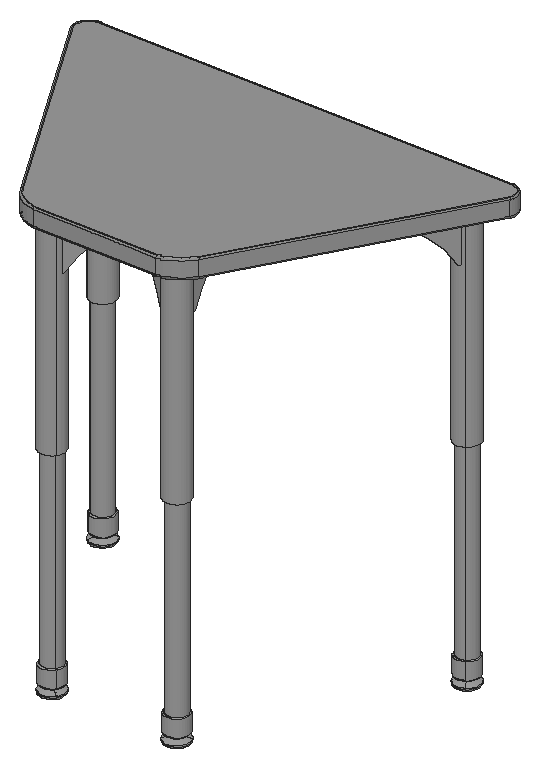
Revit family "Hierarchy Snap Hexagonal Trapezoid Desk", category Furniture, Revit 2018
Family settings
  Work Plane-Based = No
  Always vertical = Yes
  Cut with Voids When Loaded = No
  Shared = No
  Room Calculation Point = No
Parameters
  Surface = Hierarchy Snap Hexagonal Trapezoid Desk Surface
  Desk Height = 2' - 5"
  Leg Finish = Hierarchy Leg Platinum
  Edgeband = Hierarchy Snap Hexagonal Trapezoid Desk Edgeband
  Caster/Glide = Hierarchy Leg - Glide : Hierarchy Leg - Glide
Reference planes (in)
  plane 1 "Center (Front/Back)": y = 0
  plane 2: z = 0
  plane 3 "Center (Left/Right)": x = 0
  plane 4: z = 29
Dimensions and locks (in)
  "Desk Height": plane 4 to level
  aligned and locked: plane 2 to level
  aligned and locked: nested 1 to plane 4
Nested families (in)
  nested 1: "Snap Hexagonal Trapezoid Tabletop" at (0, 0, 1.85825), type "Snap Hexagonal Trapezoid Tabletop"
  nested 2: "Hierarchy Leg - Glide" at (-12.40075, 7.25, 0) x (0.5556, 0.8315, 0) z (0, 0, 1), Leg Finish <- "Leg Finish", Leg Height <- "Desk Height", type "Hierarchy Leg - Glide"
    with Leg Height 2' - 5", Leg Finish Hierarchy Leg Platinum
  nested 3: "Hierarchy Leg - Glide" at (12.40075, 7.25, 0) x (-0.5556, 0.8315, 0) z (0, 0, 1), Leg Finish <- "Leg Finish", Leg Height <- "Desk Height", type "Hierarchy Leg - Glide"
    with Leg Height 2' - 5", Leg Finish Hierarchy Leg Platinum
  nested 4: "Hierarchy Leg - Glide" at (-4.25, -7.25, 0) x (-0.8315, 0.5556, 0) z (0, 0, 1), type <- "Caster/Glide", Leg Finish <- "Leg Finish", Leg Height <- "Desk Height", type "Hierarchy Leg - Glide"
  nested 5: "Hierarchy Leg - Glide" at (4.25, -7.25, 0) x (0.8315, 0.5556, 0) z (0, 0, 1), type <- "Caster/Glide", Leg Finish <- "Leg Finish", Leg Height <- "Desk Height", type "Hierarchy Leg - Glide"
Definition of nested family "Snap Hexagonal Trapezoid Tabletop"
  Parameters (values of type "Snap Hexagonal Trapezoid Tabletop")
    Surface = none
    Edgeband = none
  Reference planes (in)
    plane 1 "Center (Front/Back)": y = 0
    plane 2: z = 0
    plane 3 "Center (Left/Right)": x = 0
  Forms (in)
    Extrusion 1, solid, material <- "Surface"
      sketch origin (0, 0, 0) x (1, 0, 0) y (0, 1, 0)
        loop
          line (14.05799, 8.95098) -> (-14.05799, 8.95098)
          arc (-14.05799, 8.95098) -> (-14.76477, 8.57319) -> (-14.84333, 7.77563) r 0.85005
          line (-14.84333, 7.77563) -> (-5.97069, -7.59223)
          arc (-5.97069, -7.59223) -> (-5.20833, -8.40619) -> (-4.1646, -8.79902) r 2.4556
          line (-4.1646, -8.79902) -> (4.1646, -8.79902)
          arc (4.1646, -8.79902) -> (5.20833, -8.40619) -> (5.97069, -7.59223) r 2.4556
          line (5.97069, -7.59223) -> (14.84333, 7.77563)
          arc (14.84333, 7.77563) -> (14.76477, 8.57319) -> (14.05799, 8.95098) r 0.85005
      from 27.14175 to 28.39175
    Sweep 2, solid, material <- "Edgeband"
      path in 3D
        loop
          line (-14.05799, 8.95098, 28.39175) -> (14.05799, 8.95098, 28.39175)
          arc (14.05799, 8.95098, 28.39175) -> (14.76477, 8.57319, 28.39175) -> (14.84333, 7.77563, 28.39175) r 0.85005
          line (14.84333, 7.77563, 28.39175) -> (5.97069, -7.59223, 28.39175)
          arc (5.97069, -7.59223, 28.39175) -> (5.20833, -8.40619, 28.39175) -> (4.1646, -8.79902, 28.39175) r 2.4556
          line (4.1646, -8.79902, 28.39175) -> (-4.1646, -8.79902, 28.39175)
          arc (-4.1646, -8.79902, 28.39175) -> (-5.20833, -8.40619, 28.39175) -> (-5.97069, -7.59223, 28.39175) r 2.4556
          line (-5.97069, -7.59223, 28.39175) -> (-14.84333, 7.77563, 28.39175)
          arc (-14.84333, 7.77563, 28.39175) -> (-14.76477, 8.57319, 28.39175) -> (-14.05799, 8.95098, 28.39175) r 0.85005
      profile origin (-14.76477, 8.57319, 28.39175) x (-0.831469, 0.555571, 0) y (0, 0, 1)
        loop
          line (0, 0) -> (0, -1.25)
          arc (0, -1.25) -> (0.07724, -1.21801) -> (0.10923, -1.14077) r 0.10923
          line (0.10923, -1.14077) -> (0.10923, -0.10923)
          arc (0.10923, -0.10923) -> (0.07724, -0.03199) -> (0, 0) r 0.10923
  Lines and regions (in)
    sketch lines
      curve 1: arc (-14.84333, 7.77563, 28.39175) -> (-14.76477, 8.57319, 28.39175) -> (-14.05799, 8.95098, 28.39175) r 0.85005
      curve 2: line (-14.84333, 7.77563, 28.39175) -> (-5.97069, -7.59223, 28.39175)
      curve 3: arc (-4.1646, -8.79902, 28.39175) -> (-5.20833, -8.40619, 28.39175) -> (-5.97069, -7.59223, 28.39175) r 2.4556
      curve 4: line (-4.1646, -8.79902, 28.39175) -> (4.1646, -8.79902, 28.39175)
      curve 5: arc (5.97069, -7.59223, 28.39175) -> (5.20833, -8.40619, 28.39175) -> (4.1646, -8.79902, 28.39175) r 2.4556
      curve 6: line (5.97069, -7.59223, 28.39175) -> (14.84333, 7.77563, 28.39175)
      curve 7: arc (14.05799, 8.95098, 28.39175) -> (14.76477, 8.57319, 28.39175) -> (14.84333, 7.77563, 28.39175) r 0.85005
      curve 8: line (14.05799, 8.95098, 28.39175) -> (-14.05799, 8.95098, 28.39175)
  Dimensions and locks (in)
    aligned and locked: plane 2 to level
Definition of nested family "Hierarchy Leg - Glide"
  Parameters (values of type "Hierarchy Leg - Glide")
    Leg Finish [instance] = none
    Leg Height [instance] = 2' - 5"
  Reference planes (in)
    plane 1 "Center (Front/Back)": y = 0
    plane 2: z = 0
    plane 3 "Center (Left/Right)": x = 0
  Forms (in)
    Extrusion 1, solid
      sketch origin (-0.01562, 0, 0) x (1, 0, 0) y (0, 1, 0)
        loop
          circle (0.01563, 0) r 0.67016
      from 0.67618 to 16.17618
    Revolve 2, solid
      sketch origin (0, 0, 0) x (1, 0, 0) y (0, 0, 1)
        loop
          line (-0.73189, 1.80118) -> (-0.79439, 1.73867) -> (-0.79439, 0.61381) -> (-0.73176, 0.55118) -> (-0.125, 0.55118) -> (-0.125, 0.42618) -> (-0.84656, 0.16241) -> (-0.84656, 0.08994) -> (-0.81359, 0) -> (0, 0) -> (0, 1.80118) -> (-0.73189, 1.80118)
        axis (0, 1.80118) -> (0, 0)
      angle from 0 to 360
  Dimensions and locks (in)
    "Leg Height": nested 1 to level
    aligned and locked: plane 2 to level
  Automatic sketch dimensions
    plane 1 "Center (Front/Back)" to Extrusion 1 sketch curve = 0' - 0"
    Extrusion 1 sketch curve to plane 3 "Center (Left/Right)" = 0' - 0"
    Revolve 2 sketch curve to level = 0' - 0"
    Revolve 2 sketch curve to plane 3 "Center (Left/Right)" = 0' - 0"  (x2)
    Revolve 2 sketch curve to plane 3 "Center (Left/Right)" = 0' - 0 1/8"
    Revolve 2 sketch curve to Revolve 2 sketch curve = 0' - 0.60676"
    Revolve 2 sketch curve to Revolve 2 sketch curve = 0' - 0.73189"
    Revolve 2 sketch curve to Revolve 2 sketch curve = 0' - 0.06263"  (x2)
    Revolve 2 sketch curve to Revolve 2 sketch curve = 0' - 0.08183"
    Revolve 2 sketch curve to Revolve 2 sketch curve = 0' - 0.03297"
    level to Revolve 2 sketch curve = 0' - 0.08994"
    Revolve 2 sketch curve to Revolve 2 sketch curve = 0' - 0.07247"
    level to Revolve 2 sketch curve = 0' - 0.42618"
    Revolve 2 sketch curve to Revolve 2 sketch curve = 0' - 0 1/8"
    Revolve 2 sketch curve to Revolve 2 sketch curve = 0' - 1.12486"
    Revolve 2 sketch curve to Revolve 2 sketch curve = 0' - 0 1/16"
    Revolve 2 sketch curve to level = 2' - 0"
    Revolve 2 sketch curve to Revolve 2 sketch curve = 8' - 4.91764"
    radius of Extrusion 1 sketch curve = 0' - 0.67016"
  Nested families (in)
    nested 1: "Hierarchy Upper Leg 2023" at (0, 0, 1.19783), Shapes Leg Finish <- "Leg Finish", type "Hierarchy Upper Leg 2023"
      with Shapes Leg Finish none
  Definition of nested family "Hierarchy Upper Leg 2023"
    Parameters (values of type "Hierarchy Upper Leg 2023")
      Shapes Leg Finish [instance] = none
    Reference planes (in)
      plane 1 "Center (Front/Back)": y = 0
      plane 2: z = 0
      plane 3 "Center (Left/Right)": x = 0
    Forms (in)
      Extrusion 1, solid, material <- "Shapes Leg Finish"
        sketch origin (0, 0, 0) x (1, 0, 0) y (0, 1, 0)
          loop
            circle (0, 0) r 0.84802
        from 13.67618 to 27.67618
      Extrusion 2, solid, material <- "Shapes Leg Finish"
        sketch origin (0, 0, 0) x (1, 0, 0) y (0, 1, 0)
          loop
            line (-1.70174, 0.19183) -> (-2.88626, -2.26116)
            arc (-2.88626, -2.26116) -> (-2.83993, -3.09822) -> (-2.1063, -3.50394) r 0.86614
            line (-2.1063, -3.50394) -> (2.1063, -3.50394)
            arc (2.1063, -3.50394) -> (2.83993, -3.09822) -> (2.88626, -2.26116) r 0.86614
            line (2.88626, -2.26116) -> (1.70174, 0.19183)
            arc (1.70174, 0.19183) -> (0, 1.25984) -> (-1.70174, 0.19183) r 1.88976
        from 27.67618 to 27.80217
      Extrusion 3, solid, material <- "Shapes Leg Finish"
        sketch origin (-1.48519, 8.66524, 0) x (-0.434844, 0.900506, 0) y (0, 0, 1)
          loop
            line (-9.01425, 27.67618) -> (-11.80952, 27.67618)
            arc (-11.80952, 27.67618) -> (-11.92325, 27.58993) -> (-11.87088, 27.45715) r 0.11811
            arc (-11.87088, 27.45715) -> (-10.39364, 26.29679) -> (-9.23328, 24.81955) r 7.87402
            arc (-9.23328, 24.81955) -> (-9.1005, 24.76717) -> (-9.01425, 24.88091) r 0.11811
            line (-9.01425, 24.88091) -> (-9.01425, 27.67618)
        from -1.94075 to -1.81476
      Extrusion 4, solid, material <- "Shapes Leg Finish"
        sketch origin (1.48519, 8.66524, 0) x (0.434844, 0.900506, 0) y (0, 0, -1)
          loop
            line (-9.01425, -27.67618) -> (-9.01425, -24.88091)
            arc (-9.01425, -24.88091) -> (-9.1005, -24.76717) -> (-9.23328, -24.81955) r 0.11811
            arc (-9.23328, -24.81955) -> (-10.39364, -26.29679) -> (-11.87088, -27.45715) r 7.87402
            arc (-11.87088, -27.45715) -> (-11.92325, -27.58993) -> (-11.80952, -27.67618) r 0.11811
            line (-11.80952, -27.67618) -> (-9.01425, -27.67618)
        from -1.94075 to -1.81476
    Dimensions and locks (in)
      aligned and locked: plane 2 to level
